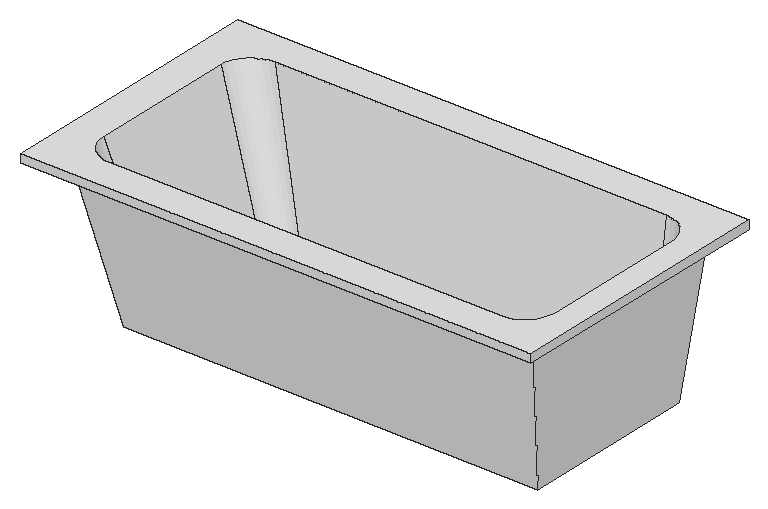
Revit family "R6032.V2", category Plumbing Fixtures, Revit 2017
Family settings
  Round Connector Dimension = Use Diameter
  Part Type = Normal
  OmniClass Number = 23.45.05.14.17
  OmniClass Title = Showers
  Work Plane-Based = No
  Always vertical = Yes
  Cut with Voids When Loaded = No
  Shared = No
  Room Calculation Point = No
Parameters (values of type "R6032.V2")
  Unit Width = 60"
  Unit Height = 18"
  Unit Depth = 32"
  URL = "http://www.bestbath.com"
  Type Comments = "Remodeler"
  Model = "R6032.V2"
  Material [instance] = Best Bath Gelcoat Fiberglass - Smooth
  Manufacturer = "Best Bath Systems, Inc."
  Keynote = "22 40 00.D2"
  Description = "Pediatric Bathtub"
  Bowl Min Width = 19 1/2"
  Bowl Max Width = 24 1/4"
  Assembly Code = "D2010510"
Reference planes (in)
  plane 1 "Back": y = 0
  plane 2: z = 0.25
  plane 3 "Left": x = 0
  plane 4: x = 60
  plane 5: y = -32
  plane 6: z = 18.25
  plane 7: x = 51.5
  plane 8: z = 18.25
  plane 9: y = -16
  plane 10: x = 10
  plane 11: x = 55.5
  plane 12: y = -6.5
  plane 13: y = -26
  plane 14: y = -4
  plane 15: y = -28.25
  plane 16: x = 4
  plane 17: x = 57
Forms (in)
  Extrusion 1, solid, material "Best Bath Gelcoat Fiberglass - Smooth"
    sketch origin (0, 0, 0.25) x (1, 0, 0) y (0, 1, 0)
      loop
        line (0, -32) -> (60, -32) -> (60, 0) -> (0, 0) -> (0, -32)
      loop
        circle (51.5, -16) r 1.5
    from 17 to 18
  Blend 2, void
    base sketch origin (0, -2.125, 0.25) x (1, 0, 0) y (0, 1, 0)
      loop
        arc (12.5, -4.375) -> (10.73223, -5.10723) -> (10, -6.875) r 2.5
        line (10, -6.875) -> (10, -21.375)
        arc (10, -21.375) -> (10.73223, -23.14277) -> (12.5, -23.875) r 2.5
        line (12.5, -23.875) -> (53.5, -23.875)
        arc (53.5, -23.875) -> (54.91421, -23.28921) -> (55.5, -21.875) r 2
        line (55.5, -21.875) -> (55.5, -6.375)
        arc (55.5, -6.375) -> (54.91421, -4.96079) -> (53.5, -4.375) r 2
        line (53.5, -4.375) -> (12.5, -4.375)
    top sketch origin (0, -2.125, 0.25) x (1, 0, 0) y (0, 1, 0)
      loop
        arc (7.5, -1.875) -> (5.02513, -2.90013) -> (4, -5.375) r 3.5
        line (4, -5.375) -> (4, -22.625)
        arc (4, -22.625) -> (5.02513, -25.09987) -> (7.5, -26.125) r 3.5
        line (7.5, -26.125) -> (53.5, -26.125)
        arc (53.5, -26.125) -> (55.97487, -25.09987) -> (57, -22.625) r 3.5
        line (57, -22.625) -> (57, -5.375)
        arc (57, -5.375) -> (55.97487, -2.90013) -> (53.5, -1.875) r 3.5
        line (53.5, -1.875) -> (7.5, -1.875)
    from 1 to 18
  Blend 3, solid, material "Best Bath Gelcoat Fiberglass - Smooth"
    base sketch origin (0, 0, 18.25) x (1, 0, 0) y (0, 1, 0)
      loop
        line (3.35294, -3.14706) -> (3.35294, -29.11765) -> (57.91176, -29.11765) -> (57.91176, -3.14706) -> (3.35294, -3.14706)
    top sketch origin (0, 0, 18.25) x (1, 0, 0) y (0, 1, 0)
      loop
        line (7.70588, -5.79412) -> (7.70588, -26.48529) -> (56.41176, -26.48529) -> (56.41176, -5.79412) -> (7.70588, -5.79412)
    from 0 to -18
  Extrusion 4, void
    sketch origin (0, 0, 0.25) x (1, 0, 0) y (0, 1, 0)
      loop
        circle (51.5, -16) r 1
    from 0 to 36
Cuts and joins
  Blend 2, Extrusion 4 cuts Extrusion 1
  Blend 2, Extrusion 4 cuts Blend 3
  joined: Extrusion 1, Blend 3
Dimensions and locks (in)
  "Unit Width": plane 3 "Left" to plane 4
  "Unit Height": plane 6 to level
  plane 3 "Left" to plane 7 to plane 4 = 51 1/2", 8 1/2"
  plane 9 to plane 1 "Back" = 16"
  locked: plane 11 to plane 4 at 4.5
  plane 13 to plane 5 = 6"
  locked: plane 3 "Left" to plane 10 at 10
  plane 14 to plane 1 "Back" = 4"
  plane 15 to plane 5 = 3 3/4"
  locked: plane 17 to plane 4 at 3
  locked: plane 3 "Left" to plane 16 at 4
  plane 8 to level = 18"
  plane 6 to plane 8 = 0"
  "Unit Depth": plane 5 to plane 1 "Back"
  "Bowl Max Width": cut or joined group of Extrusion 1, Blend 2, Blend 3, Extrusion 4 to cut or joined group of Extrusion 1, Blend 2, Blend 3, Extrusion 4
  "Bowl Min Width": cut or joined group of Extrusion 1, Blend 2, Blend 3, Extrusion 4 to cut or joined group of Extrusion 1, Blend 2, Blend 3, Extrusion 4
  radius of Blend 2 sketch curve = 2"  (x2)
  radius of Blend 2 sketch curve = 2 1/2"  (x2)
  radius of Blend 2 sketch curve = 3 1/2"  (x4)
  aligned and locked: level to plane 2
  aligned and locked: Extrusion 1 sketch curve to plane 1 "Back"
  aligned and locked: plane 9 to Extrusion 1 sketch curve
  aligned and locked: plane 7 to Extrusion 1 sketch curve
  aligned and locked: plane 13 to Blend 2 sketch curve
  aligned and locked: Blend 2 sketch curve to plane 12
  aligned and locked: Blend 2 sketch curve to plane 11
  aligned and locked: plane 10 to Blend 2 sketch curve
  aligned and locked: plane 16 to Blend 2 sketch curve
  aligned and locked: Blend 2 sketch curve to plane 17
  aligned and locked: plane 15 to Blend 2 sketch curve
  aligned and locked: Blend 2 sketch curve to plane 14
  aligned and locked: plane 8 to cut or joined group of Extrusion 1, Blend 2, Blend 3, Extrusion 4
  aligned and locked: cut or joined group of Extrusion 1, Blend 2, Blend 3, Extrusion 4 to plane 8
Automatic sketch dimensions
  Blend 2 sketch curve to plane 12 = 0"
  Extrusion 1 sketch curve to plane 3 "Left" = 0"
  Extrusion 1 sketch curve to plane 4 = 0"
  Extrusion 1 sketch curve to plane 5 = 0"
  Blend 3 sketch curve to Extrusion 1 = 3.35294"
  Blend 3 sketch curve to Extrusion 1 = 2.08824"
  Blend 3 sketch curve to Extrusion 1 = 2.88235"
  Blend 3 sketch curve to Extrusion 1 = 3.14706"
  Blend 3 sketch curve to Extrusion 1 = 7.70588"
  Blend 3 sketch curve to Extrusion 1 = 3.58824"
  Blend 3 sketch curve to Extrusion 1 = 5.51471"
  Blend 3 sketch curve to Extrusion 1 = 5.79412"
  Extrusion 4 sketch curve to plane 7 = 0"
  Extrusion 4 sketch curve to plane 9 = 0"
  radius of Extrusion 1 sketch curve = 1 1/2"
  radius of Extrusion 4 sketch curve = 1"
